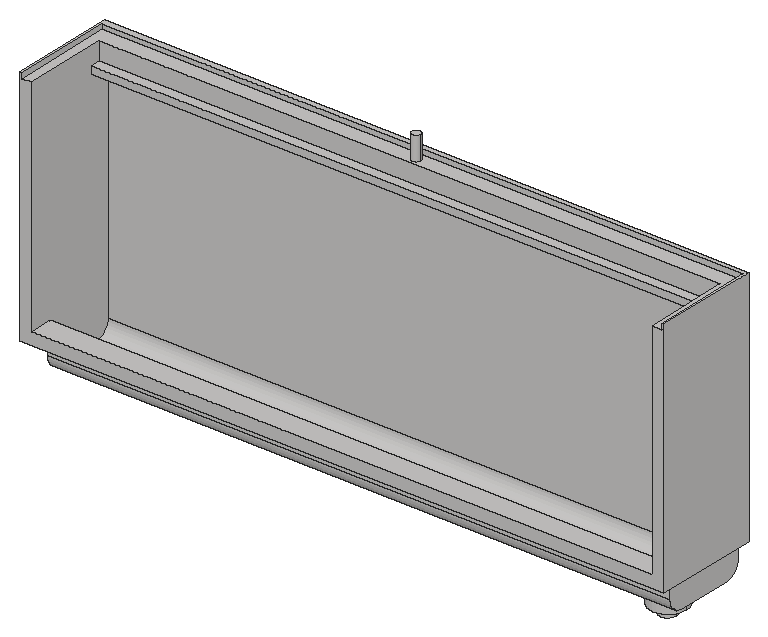
Revit family
Parameters (values of type "1830 X 300")
  Waste Connection Radius = Waste Connection Diameter / 2  # 25 mm
  Waste Connection Diameter = 50 mm
  Waste Connection = 1 = 1  # yes
  WFU = 0
  Vent Connection = 1 = 0  # no
  URL = "http://www.autospec.co.za/browse.php?id=1644179284"
  Product Code = "None"
  OmniClass Title = ""
  OmniClass Number = ""
  Modspec Classification = ""
  Specification = ""
  Location (revit room) = ""
  Material = Stainless Steel Grade 304
  Inlet Pipe Radius = Inlet Pipe Diameter / 2  # 12.5 mm
  Inlet Pipe Diameter = 25 mm
  Height = 780 mm
  HW Connection = 1 = 0  # no
  Description = ""
  Depth = 300 mm
  Default Elevation = 0 mm
  Colour = none
  CWFU = 0
  CW Connection = 1 = 1  # yes
  Body Finish = none
  Width = 1830 mm
  Model = "Trough Urinal KTU-1830 X 300"
  Manufacturer = "Kwikot"  # constant formula
  Assembly Code = "D2010210"
Reference planes
  plane 1 "Back": y = 0
  plane 2 "Bottom": z = 0
  plane 3 "Center (Left/Right)": x = 0
  plane 4 "Left": x = -915
  plane 5 "Right": x = 915
  plane 6 "Front": y = -300
  plane 7 "Top": z = 780
  plane 8: x = 885
  plane 9: x = -885
  plane 10: x = 815
  plane 11: y = -160
Forms (mm)
  Extrusion 1, solid, material "Stainless Steel Grade 304" <- "Material"
    sketch origin (-915, -491, 4000) x (0, -1, 0) y (0, 0, 1)
      loop
        line (-491, -4000) -> (-191, -4000) -> (-191, -3220) -> (-491, -3220) -> (-491, -4000)
    from 0 to -1830
  Extrusion 2, void
    sketch origin (-915, -491, 4000) x (0, 1, 0) y (0, 0, 1)
      loop
        line (251, -3905) -> (191, -3905) -> (191, -4030) -> (521, -4030) -> (521, -3960) -> (491, -3960)
        arc (491, -3960) -> (479.284, -3988.284) -> (451, -4000) r 40
        line (451, -4000) -> (291, -4000)
        arc (291, -4000) -> (262.716, -3988.284) -> (251, -3960) r 40
        line (251, -3960) -> (251, -3905)
    from 30 to 1800
  Extrusion 3, void
    sketch origin (-820.338, -300, 4000) x (1, 0, 0) y (0, 0, 1)
      loop
        line (-64.662, -4000) -> (-64.662, -3905) -> (-94.662, -3905) -> (-94.662, -4000) -> (-64.662, -4000)
      loop
        line (1705.338, -4000) -> (1735.338, -4000) -> (1735.338, -3905) -> (1705.338, -3905) -> (1705.338, -4000)
    from 0 to -300
  Extrusion 4, void
    sketch origin (-820.338, -300, 4000) x (1, 0, 0) y (0, 0, 1)
      loop
        line (-62.662, -3220) -> (-62.662, -3870) -> (1703.338, -3870) -> (1703.338, -3220) -> (-62.662, -3220)
    from 0 to -270
  Extrusion 5, void
    sketch origin (-915, -491, 4000) x (0, 1, 0) y (0, 0, 1)
      loop
        line (461, -3955) -> (461, -3870) -> (256, -3870) -> (256, -3955)
        arc (256, -3955) -> (267.716, -3983.284) -> (296, -3995) r 40
        line (296, -3995) -> (421, -3995)
        arc (421, -3995) -> (449.284, -3983.284) -> (461, -3955) r 40
    from 32 to 1798
  Extrusion 6, void
    sketch origin (-779.234, -1524, 780) x (0, -1, 0) y (-1, 0, 0)
      loop
        line (-1224, 130.766) -> (-1509, 130.766) -> (-1509, -1689.234) -> (-1224, -1689.234) -> (-1224, 130.766)
    from 0 to 15
  Extrusion 7, solid, material "Stainless Steel Grade 304" <- "Material"
    sketch origin (-915, -491, 4000) x (0, -1, 0) y (0, 0, 1)
      loop
        line (-461, -3235) -> (-461, -3305) -> (-401, -3305) -> (-401, -3285) -> (-431, -3285) -> (-431, -3235) -> (-461, -3235)
    from -32 to -1798
  Extrusion 8, solid, material "Stainless Steel Grade 304" <- "Material"
    sketch origin (0, 0, 0) x (1, 0, 0) y (0, 1, 0)
      loop
        circle (815, -160) r 35
      loop
        circle (815, -160) r 53
    from 5 to -25
  Extrusion 9, solid, material "Stainless Steel Grade 304"
    sketch origin (-779.234, -1524, 780) x (-1, 0, 0) y (0, -1, 0)
      loop
        circle (-779.234, -1486.5) r 12.5
    from -15 to 50
  Extrusion 10, solid, material "Stainless Steel Grade 304" <- "Material"
    sketch origin (0, 0, 0) x (1, 0, 0) y (0, 1, 0)
      loop
        circle (815, -160) r 25
      loop
        circle (815, -160) r 23
    from -25 to -50
  Extrusion 11, void
    sketch origin (0, 0, 0) x (0, 1, 0) y (1, 0, 0)
      loop
        circle (-160, 815) r 35
    from 0 to -5
  Extrusion 12, solid, material "Stainless Steel Grade 304" <- "Material"
    sketch origin (0, 0, -25) x (0, 1, 0) y (1, 0, 0)
      loop
        circle (-160, 815) r 35
      loop
        circle (-160, 815) r 25
    from 0 to -3
Cuts and joins
  Extrusion 2, Extrusion 3, Extrusion 4, Extrusion 5, Extrusion 6, Extrusion 11 cuts Extrusion 1
  Extrusion 11 cuts Extrusion 7
  Extrusion 11 cuts Extrusion 8
  Extrusion 11 cuts Extrusion 10
  joined: Extrusion 1, Extrusion 7, Extrusion 8, Extrusion 10, Extrusion 12
Lines and regions (mm)
  symbolic lines
    curve 1: line (-915, -300, 780) -> (915, -300, 780)
    curve 2: line (915, -300, 780) -> (915, 0, 780)
    curve 3: line (915, 0, 780) -> (-915, 0, 780)
    curve 4: line (-915, 0, 780) -> (-915, -300, 780)
    curve 5: line (910, -15, 780) -> (-910, -15, 780)
    curve 6: line (-910, -15, 780) -> (-910, -300, 780)
    curve 7: line (-883, -30, 780) -> (-883, -300, 780)
    curve 8: line (-883, -90, 780) -> (883, -90, 780)
    curve 9: line (-883, -60, 780) -> (883, -60, 780)
    curve 10: line (-883, -235, 780) -> (883, -235, 780)
    curve 11: line (883, -300, 780) -> (883, -30, 780)
    curve 12: line (883, -30, 780) -> (-883, -30, 780)
  symbolic lines, detail levels fine
    curve 13: arc (-12.5, -37.5, 780) -> (0, -50, 780) -> (12.5, -37.5, 780) r 12.5
    curve 14: arc (12.5, -37.5, 780) -> (0, -25, 780) -> (-12.5, -37.5, 780) r 12.5
    curve 15: arc (840, -160, -25) -> (815, -185, -25) -> (790, -160, -25) r 25
    curve 16: arc (790, -160, -25) -> (815, -135, -25) -> (840, -160, -25) r 25
    curve 17: arc (850, -160, -25) -> (815, -195, -25) -> (780, -160, -25) r 35
    curve 18: arc (780, -160, -25) -> (815, -125, -25) -> (850, -160, -25) r 35
Dimensions and locks
  "Height": plane 7 "Top" to plane 2 "Bottom"
  "Width": plane 4 "Left" to plane 5 "Right"
  equal spacing: plane 4 "Left", plane 3 "Center (Left/Right)", plane 5 "Right"
  "Depth": plane 1 "Back" to plane 6 "Front"
  plane 7 "Top" to Extrusion 7 = 85 mm
  locked: Extrusion 4 sketch curve to plane 5 "Right" at 32
  locked: plane 4 "Left" to Extrusion 4 sketch curve at 32
  locked: plane 4 "Left" to plane 9 at 30
  locked: plane 8 to plane 5 "Right" at 30
  cut or joined group 1 (Extrusion 1, Extrusion 2, Extrusion 3, Extrusion 4, Extrusion 5, Extrusion 6, Extrusion 7, Extrusion 8, Extrusion 10, Extrusion 11, Extrusion 12) to plane 8 = 2 mm
  Extrusion 9 sketch curve to plane 1 "Back" = 37.5 mm
  Extrusion 10 sketch curve to plane 5 "Right" = 100 mm
  Extrusion 10 sketch curve to plane 1 "Back" = 160 mm
  cut or joined group 1 to plane 6 "Front" = 60 mm
  plane 10 to plane 5 "Right" = 100 mm
  Extrusion 8 sketch curve to plane 6 "Front" = 140 mm
  plane 11 to plane 6 "Front" = 140 mm
  radius of Extrusion 8 sketch curve = 35 mm
  "Inlet Pipe Radius": radius of Extrusion 9 sketch curve
  "Waste Connection Radius": radius of Extrusion 10 sketch curve
  radius of Extrusion 2 sketch curve = 40 mm  (x2)
  aligned and locked: plane 2 "Bottom" to level
  aligned and locked: Extrusion 1 sketch curve to level
  aligned and locked: Extrusion 1 sketch curve to plane 1 "Back"
  aligned and locked: plane 7 "Top" to Extrusion 1 sketch curve
  aligned and locked: Extrusion 1 sketch curve to plane 6 "Front"
  aligned and locked: Extrusion 3 sketch curve to cut or joined group 1  (x3)
  aligned and locked: Extrusion 3 sketch curve to plane 4 "Left"
  aligned and locked: Extrusion 3 sketch curve to plane 5 "Right"
  aligned and locked: Extrusion 3 sketch curve to plane 2 "Bottom"
  aligned and locked: Extrusion 3 sketch curve to Extrusion 3 sketch curve
  aligned and locked: plane 7 "Top" to Extrusion 4 sketch curve
  aligned and locked: Extrusion 5 sketch curve to cut or joined group 1
  aligned and locked: cut or joined group 1 to Extrusion 5 sketch curve
  aligned and locked: cut or joined group 1 to Extrusion 6 sketch curve
  aligned and locked: Extrusion 7 sketch curve to cut or joined group 1  (x2)
  aligned and locked: cut or joined group 1 to Extrusion 7  (x2)
  aligned and locked: Extrusion 1 to plane 5 "Right"
  aligned and locked: Extrusion 2 to Extrusion 3
  aligned and locked: Extrusion 2 to plane 8
  aligned and locked: Extrusion 5 to Extrusion 4
  aligned and locked: plane 3 "Center (Left/Right)" to Extrusion 9 sketch curve
  aligned and locked: cut or joined group 1 to Extrusion 9
  aligned and locked: Extrusion 10 to cut or joined group 1
  aligned and locked: curve 1 to cut or joined group 1
  aligned and locked: curve 2 to cut or joined group 1
  aligned and locked: curve 3 to cut or joined group 1
  aligned and locked: curve 4 to cut or joined group 1
  aligned and locked: curve 5 to cut or joined group 1
  aligned and locked: curve 6 to cut or joined group 1
  aligned and locked: curve 7 to cut or joined group 1
  aligned and locked: curve 8 to cut or joined group 1
  aligned and locked: curve 9 to cut or joined group 1
  aligned and locked: curve 10 to cut or joined group 1
  aligned and locked: curve 11 to cut or joined group 1
  aligned and locked: curve 13 to Extrusion 9
  aligned and locked: curve 14 to Extrusion 9
  aligned and locked: plane 10 to Extrusion 10 sketch curve
  aligned and locked: Extrusion 11 sketch curve to cut or joined group 1  (x2)
  aligned and locked: Extrusion 11 to Extrusion 5
  aligned and locked: Extrusion 12 sketch curve to cut or joined group 1  (x4)
  aligned and locked: Extrusion 8 to Extrusion 5
  aligned and locked: curve 15 to cut or joined group 1
  aligned and locked: curve 16 to cut or joined group 1
  aligned and locked: curve 17 to cut or joined group 1
  aligned and locked: curve 18 to cut or joined group 1
  aligned and locked: plane 10 to Extrusion 8 sketch curve
Automatic sketch dimensions
  Extrusion 2 sketch curve to plane 6 "Front" = 0 mm
  Extrusion 2 sketch curve to level = 0 mm
  Extrusion 2 sketch curve to plane 1 "Back" = 0 mm
  plane 6 "Front" to Extrusion 2 sketch curve = 60 mm
  Extrusion 2 sketch curve to Extrusion 2 sketch curve = 30 mm
  Extrusion 2 sketch curve to level = 30 mm
  plane 1 "Back" to Extrusion 5 sketch curve = 70 mm
  plane 6 "Front" to Extrusion 5 sketch curve = 105 mm
  plane 6 "Front" to Extrusion 5 sketch curve = 65 mm
  plane 1 "Back" to Extrusion 6 sketch curve = 15 mm
  plane 5 "Right" to Extrusion 6 sketch curve = 5 mm
  Extrusion 6 sketch curve to plane 4 "Left" = 5 mm
  Extrusion 7 sketch curve to Extrusion 7 sketch curve = 30 mm  (x2)
  Extrusion 7 sketch curve to Extrusion 7 sketch curve = 50 mm
  Extrusion 7 sketch curve to Extrusion 7 sketch curve = 20 mm
  Extrusion 2 sketch curve to Extrusion 2 sketch curve = 55 mm
  Extrusion 3 sketch curve to Extrusion 3 sketch curve = 95 mm
  level to Extrusion 4 sketch curve = 130 mm
  level to Extrusion 5 sketch curve = 45 mm
  curve 1 to plane 5 "Right" = 0 mm
  curve 11 to plane 6 "Front" = 0 mm
  plane 1 "Back" to curve 4 = 0 mm
  curve 4 to plane 4 "Left" = 0 mm
  plane 5 "Right" to curve 5 = 5 mm
  plane 8 to curve 12 = 2 mm
  curve 7 to plane 9 = 2 mm
  curve 6 to plane 4 "Left" = 5 mm
  plane 1 "Back" to curve 6 = 15 mm
  plane 1 "Back" to curve 11 = 30 mm
  curve 7 to curve 9 = 30 mm
  curve 9 to curve 8 = 30 mm
  plane 6 "Front" to curve 10 = 65 mm
  Extrusion 8 sketch curve to plane 10 = 0 mm
  Extrusion 10 sketch curve to plane 11 = 0 mm
  Extrusion 8 sketch curve to Extrusion 8 sketch curve = 0 mm
  radius of Extrusion 10 sketch curve = 23 mm
  radius of Extrusion 8 sketch curve = 53 mm
Connectors
  piping at (815, -160, -50), driven by "Waste Connection Radius", driven by "WFU"
    settings: on cut or joined group 1, index 1, connector radius 25 mm, flow factor 0, pipe flow 0.0 L/s, pressure drop 0.0 Pa, fitting loss kfactor 0, connector angle 0.00°, fixture units 0, flow configuration 3, flow direction 2, fitting loss method 0, system type 16, connector reference index -1, connector utility 0, adjustable connector no, is connector primary no, fitting loss table "", connector description ""
  piping at (0, -37.5, 830), driven by "Inlet Pipe Radius", driven by "CWFU"
    settings: on Extrusion 9, index 2, connector radius 12.5 mm, flow factor 0, pipe flow 0.0 L/s, pressure drop 0.0 Pa, fitting loss kfactor 0, connector angle 0.00°, fixture units 0, flow configuration 3, flow direction 1, fitting loss method 0, system type 20, connector reference index -1, connector utility 0, adjustable connector no, is connector primary yes, fitting loss table "", connector description ""
